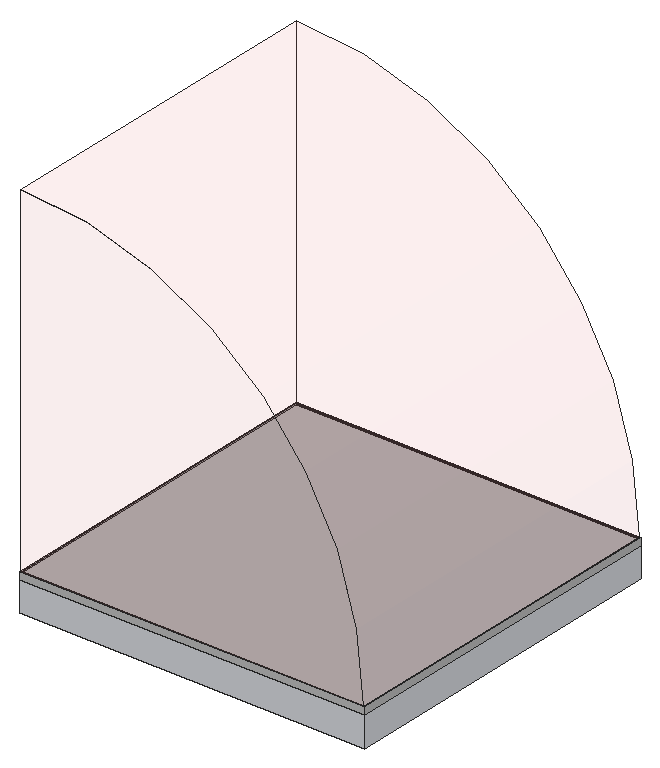
Revit family "Door_Access_Flush_Acudor_DW-5040", category Generic Models, host Face, Revit 2024
Family settings
  Host = Face
  Can host rebar = No
  Round Connector Dimension = Use Diameter
  Part Type = Normal
  Cut with Voids When Loaded = No
  Maintain Annotation Orientation = No
  Shared = No
  Room Calculation Point = No
Parameters
  negdrythick [instance] = -(Drywall Thickness)  # -0' - 0 1/2"
  Warranty Duration (Years) = 0
  Unit Width = 2' - 0"
  Unit Weight = 0
  Unit Height = 2' - 0"
  Unit Depth = 0' - 1 29/32"
  URL = "http://www.acudor.com/"
  Test Data = ""
  Swing Clearance Visible [instance] = yes
  Standards Conformance = "as Specified"
  Specification = ""
  SpecWizard = ""
  Send Message = ""
  Sales Information = "http://www.acudor.com/contactus"
  Revision = "R1_2017-03"
  Product Properties = ""
  Product Data = "http://www.arcat.com/arcatcos/cos30/arc30126.html"
  Overall Width = 2' - 10"
  Overall Height = 2' - 10"
  Opening Width = Unit Width + 0' 0 3/8"  # 2' - 0 3/8"
  Opening Height = Unit Height + 0' 0 3/8"  # 2' - 0 3/8"
  Opening Depth [instance] = 1' - 0"
  Mounting Height [instance] = 2' - 0"
  Model = "As Specified"
  Manufacturer Website = "http://www.acudor.com/"
  Manufacturer Phone - Toll Free = "800-722-0501"
  Manufacturer Phone = "973-575-5120"
  Manufacturer Fax = "973-575-5160"
  Manufacturer Address = "80 Little Falls Rd.  Fairfield, NJ 07004"
  Manufacturer = "Acudor Products Inc"
  Maintenance Schedule (Months) = 0
  Keynote = ""
  Installation-Fabrication = ""
  Installation Phase = ""
  Green Building-LEED = "http://www.arcat.com/green/clients/leed_data_30126.html"
  Fixture Finish [instance] = Metal - Acudor - Steel
  Fire Performance = "as Specified"
  Expected Lifespan (Years) = 0
  Drywall Thickness [instance] = 0' - 0 1/2"
  Drawn By = "Sumex Design, Inc. / Robert S. Weygant, CSI, CDT, SCIP"
  Door Width = Unit Width - 0' 0 1/8"  # 1' - 11 7/8"
  Door Height = Unit Height - 0' 0 1/8"  # 1' - 11 7/8"
  Description = "Acudor Product as Specified"
  Default Elevation = 0' - 0"  # constant formula
  Copyright = "©Arcat Inc."
  Construction Details = ""
  Clearance Material [instance] = ARCAT Clearance
  Clear Opening Width = 1' - 8"
  Clear Opening Height = 2' - 0"
  Available Options [instance] = "as Specified"
  Assembly Code = ""
Reference planes (in)
  plane 1 "Center (Front/Back)": y = -24
  plane 2: z = 0
  plane 3 "Center (Left/Right)": x = 0
  plane 4: y = -12
  plane 5: y = -36
  plane 6: x = -12
  plane 7: x = 12
  plane 8: z = 0
  plane 9: y = -7
  plane 10: y = -41
  plane 11: x = -17
  plane 12: x = 17
  plane 13: z = -1.90625
  plane 14: x = -12.1875
  plane 15: x = 12.1875
  plane 16: y = -11.8125
  plane 17: y = -36.1875
  plane 18: z = -12
  plane 19 "FF": y = -60
Forms (in)
  Extrusion 1, void
    sketch origin (0, 0, 0) x (1, 0, 0) y (0, 1, 0)
      loop
        line (-12.1875, -11.8125) -> (-12.1875, -36.1875) -> (12.1875, -36.1875) -> (12.1875, -11.8125) -> (-12.1875, -11.8125)
    from -12 to -0.125
  Extrusion 2, solid, material "Metal - Acudor - Steel" <- "Fixture Finish"
    sketch origin (0, 0, 0) x (1, 0, 0) y (0, 1, 0)
      loop
        line (-12, -12) -> (-12, -36) -> (12, -36) -> (12, -12) -> (-12, -12)
      loop
        line (-11.9375, -35.9375) -> (11.9375, -35.9375) -> (11.9375, -12.0625) -> (-11.9375, -12.0625) -> (-11.9375, -35.9375)
    from 0 to -0.5 <- "negdrythick"
  Extrusion 3, solid
    sketch origin (0, 0, 0) x (1, 0, 0) y (0, 1, 0)
      loop
        line (-12, -12) -> (-12, -36) -> (12, -36) -> (12, -12) -> (-12, -12)
    from -0.5 <- "negdrythick" to -2.5625
  Extrusion 4, solid, material "Metal - Acudor - Steel" <- "Fixture Finish"
    sketch origin (0, 0, 0) x (1, 0, 0) y (0, 1, 0)
      loop
        line (-11.9375, -12.0625) -> (-11.9375, -35.9375) -> (11.9375, -35.9375) -> (11.9375, -12.0625) -> (-11.9375, -12.0625)
    from -0.03125 to -0.5 <- "negdrythick"
  Extrusion 5, void
    sketch origin (0, 0, 0) x (1, 0, 0) y (0, 1, 0)
      loop
        line (-12, -12) -> (-12, -36) -> (12, -36) -> (12, -12) -> (-12, -12)
    from 0 to -0.125
  Extrusion 6, solid, material "ARCAT Clearance" <- "Clearance Material", visible <- "Swing Clearance Visible"
    sketch origin (0, -24, 0) x (1, 0, 0) y (0, 0, 1)
      loop
        arc (11.9375, 0) -> (4.94467, 16.88217) -> (-11.9375, 23.875) r 23.875
        line (-11.9375, 23.875) -> (-11.9375, 0) -> (11.9375, 0)
    from -12 to 12
Lines and regions (in)
  model lines, style "GenericModelHiddenLines"
    curve 1: line (12, -12, -0.03125) -> (-12, -24, -0.03125)
    curve 2: line (-12, -24, -0.03125) -> (12, -36, -0.03125)
Dimensions and locks (in)
  locked: plane 8 to level
  equal spacing: plane 4, plane 1 "Center (Front/Back)", plane 5
  "Unit Height": plane 4 to plane 5
  equal spacing: plane 6, plane 3 "Center (Left/Right)", plane 7
  "Unit Width": plane 6 to plane 7
  equal spacing: plane 11, plane 3 "Center (Left/Right)", plane 12
  equal spacing: plane 9, plane 1 "Center (Front/Back)", plane 10
  "Overall Width": plane 11 to plane 12
  "Overall Height": plane 9 to plane 10
  "Unit Depth": plane 8 to plane 13
  equal spacing: plane 16, plane 1 "Center (Front/Back)", plane 17
  equal spacing: plane 14, plane 3 "Center (Left/Right)", plane 15
  "Opening Width": plane 14 to plane 15
  "Opening Height": plane 16 to plane 17
  "Opening Depth": level to plane 18
  locked: plane 6 to Extrusion 2 sketch curve at 0.0625
  locked: plane 4 to Extrusion 2 sketch curve at 0.0625
  locked: Extrusion 2 sketch curve to plane 7 at 0.0625
  locked: Extrusion 2 sketch curve to plane 5 at 0.0625
  locked: plane 6 to Extrusion 4 sketch curve at 0.0625
  locked: Extrusion 4 sketch curve to plane 7 at 0.0625
  locked: plane 4 to Extrusion 4 sketch curve at 0.0625
  locked: Extrusion 4 sketch curve to plane 5 at 0.0625
  "Mounting Height": plane 5 to plane 19 "FF"
  locked: Extrusion 6 sketch curve to plane 6 at 0.0625
  "Door Width": radius of Extrusion 6 sketch curve
  aligned and locked: host face to plane 2
  aligned and locked: host face to level
  aligned and locked: Extrusion 1 sketch curve to plane 16
  aligned and locked: Extrusion 1 sketch curve to plane 14
  aligned and locked: plane 17 to Extrusion 1 sketch curve
  aligned and locked: Extrusion 1 sketch curve to plane 15
  aligned and locked: Extrusion 1 to plane 18
  aligned and locked: Extrusion 2 sketch curve to plane 4
  aligned and locked: Extrusion 2 sketch curve to plane 6
  aligned and locked: plane 5 to Extrusion 2 sketch curve
  aligned and locked: Extrusion 2 sketch curve to plane 7
  aligned and locked: Extrusion 5 sketch curve to Extrusion 2  (x4)
  aligned and locked: plane 1 "Center (Front/Back)" to curve 2
  aligned and locked: curve 2 to plane 6
  aligned and locked: Extrusion 6 to plane 5
  aligned and locked: plane 4 to Extrusion 6
  aligned and locked: Extrusion 3 sketch curve to Extrusion 2  (x3)
  aligned and locked: Extrusion 3 sketch curve to plane 6
Automatic sketch dimensions
  host sketch curve to host sketch curve = 12' - 11.75605"
  host sketch curve to host sketch curve = 12' - 7.74281"
  Extrusion 4 to curve 2 = 0' - 0 1/16"  (x2)
  Extrusion 4 to curve 1 = 0' - 0 1/16"  (x2)
  Extrusion 6 sketch curve to level = 0' - 0"
  Extrusion 6 sketch curve to Extrusion 6 sketch curve = 0' - 0"
